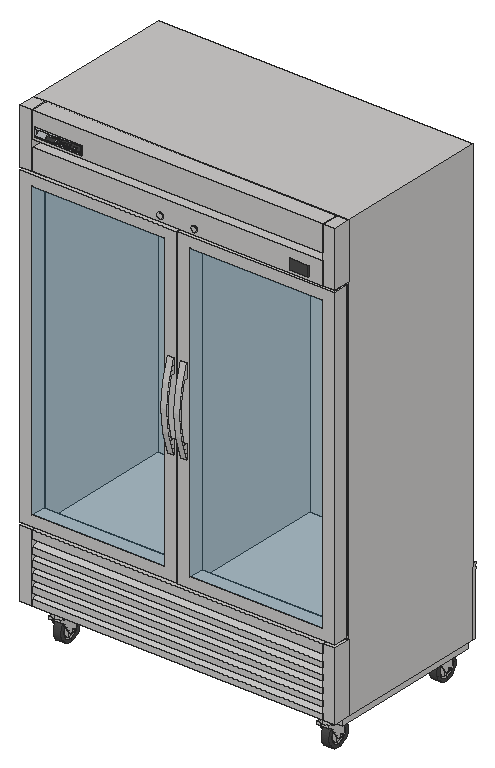
Revit family "QF_TRUE_TS-49G-HC~FGD01", category Specialty Equipment, Revit 2015
Parameters
  Weight in Pounds = 0
  Watts = Volts * FL Amps  # 621 W
  Volts = 115 V
  URL Cutsheet = "www.truemfg.com"
  URL = "www.truemfg.com"
  Specification by User = ""
  Specification by Manufacturer = ""
  Show Clearance [instance] = yes
  Show 6 Inches Standard Legs [instance] = no
  Show 6 Inches Seismic Flanged Legs [instance] = no
  6 Inches Seismic Flanged Legs [instance] = and(Show 6 Inches Seismic Flanged Legs, not(Show 5 Inches Castors))  # no
  Show Logo [instance] = yes
  Serial Number = ""
  Seismic Rating = ""
  SMACNA No = ""
  Revision Code = ""
  Phase = 1
  Overall Height [instance] = Body Height + Base Height  # 83 3/8"
  Number of Poles = 1
  NAFEM Spec ID Number = ""
  Model = "TS-49G-HC~FGD01"
  Min Ckt Ampacity = 0 A
  Max Overcurrent Protection = 0 A
  Masterspec = ""
  Manufacturer = "TRUE"
  Length = 54 5/32"
  Item Number = ""
  Installed By = ""
  Identify Quantity as Lot = yes
  Height = 83 3/8"
  HP = "1/2"
  Furnished By = ""
  Foodservice Equipment Identifier = yes
  FL Amps = 5.4 A
  Electrical Remarks = ""
  Electric Connection Type = ""
  Elec Conn RI Height = 0"
  Elec Conn Connection Height = 0"
  Description = "REACH-IN GLASS SWING DOOR REFRIGERATOR WITH HYDROCARBON REFRIGERANT~FRAMED GLASS DOOR VERSION 01"
  Depth = 29 13/16"
  Cycle = 60 Hz
  Conn Plug = "NEMA 5-15P"
  Conn Conduit = yes
  CSI MasterFormat = ""
  Body Height = 78 5/16"
  Base Height [instance] = if(Show 5 Inches Castors, 5 1/16", 6")  # 5 1/16"
  Apparent Power = 0 VA
  6 Inches Standard Legs [instance] = and(Show 6 Inches Standard Legs, not(Show 5 Inches Castors))  # no
  Show 5 Inches Castors [instance] = if(Show 6 Inches Seismic Flanged Legs, Show 6 Inches Standard Legs, not(Show 6 Inches Standard Legs))  # yes
Reference planes (in)
  plane 1 "BACK": y = 0
  plane 2: z = 0
  plane 3 "LEFT": x = 0
  plane 4 "RIGHT": x = 54.15625
  plane 5 "FRONT": y = -29.8125
  plane 6 "TOP": z = 83.375
  plane 7 "Center Y": x = 27.07813
  plane 8 "Center X": y = -14.90625
  plane 9: z = 5.0625
Dimensions and locks (in)
  equal spacing: plane 3 "LEFT", plane 7 "Center Y", plane 4 "RIGHT"
  "Length": plane 3 "LEFT" to plane 4 "RIGHT"
  equal spacing: plane 5 "FRONT", plane 8 "Center X", plane 1 "BACK"
  "Depth": plane 5 "FRONT" to plane 1 "BACK"
  "Overall Height": plane 6 "TOP" to level
  plane 3 "LEFT" to plane 4 "RIGHT" = 54 5/32"
  nested 5 to plane 1 "BACK" = 1/2"
  nested 5 to nested 5 = 1 17/32"
  nested 5 to nested 5 = 31 27/32"
  "Base Height": plane 9 to level
  "Body Height": nested 5 to plane 9
  aligned and locked: level to plane 2
  aligned and locked: nested 5 to plane 9
Nested families (in)
  nested 1: "CASTER-LEGS" at (4, -2.625, 0), Show 5" Casters <- "Show 5 Inches Castors", Show 6 Inches Legs <- "6 Inches Standard Legs", Show Siesmic Flanged <- "6 Inches Seismic Flanged Legs", type "CASTER-LEGS"
    with Type Mark "", Status "", Specification by User "", Show Siesmic Flanged no, Show 6" Casters no, Show 6 Inches Legs no, Show 5" Casters yes, Show 4" Casters no, Show 2.5 Standard Legs no, Show 2.5 Casters no, Revision Code "", Low Profile no, Item Number "", Installed By "", Identify Quantity as Lot yes, Furnished By "", Foodservice Equipment Identifier yes
  nested 2: "CASTER-LEGS" at (4, -25.875, 0), Show 5" Casters <- "Show 5 Inches Castors", Show 6 Inches Legs <- "6 Inches Standard Legs", Show Siesmic Flanged <- "6 Inches Seismic Flanged Legs", type "CASTER-LEGS"
    with Type Mark "", Status "", Specification by User "", Show Siesmic Flanged no, Show 6" Casters no, Show 6 Inches Legs no, Show 5" Casters yes, Show 4" Casters no, Show 2.5 Standard Legs no, Show 2.5 Casters no, Revision Code "", Low Profile no, Item Number "", Installed By "", Identify Quantity as Lot yes, Furnished By "", Foodservice Equipment Identifier yes
  nested 3: "CASTER-LEGS" at (50.15625, -2.625, 0), Show 5" Casters <- "Show 5 Inches Castors", Show 6 Inches Legs <- "6 Inches Standard Legs", Show Siesmic Flanged <- "6 Inches Seismic Flanged Legs", type "CASTER-LEGS"
    with Type Mark "", Status "", Specification by User "", Show Siesmic Flanged no, Show 6" Casters no, Show 6 Inches Legs no, Show 5" Casters yes, Show 4" Casters no, Show 2.5 Standard Legs no, Show 2.5 Casters no, Revision Code "", Low Profile no, Item Number "", Installed By "", Identify Quantity as Lot yes, Furnished By "", Foodservice Equipment Identifier yes
  nested 4: "CASTER-LEGS" at (50.15625, -25.875, 0), Show 5" Casters <- "Show 5 Inches Castors", Show 6 Inches Legs <- "6 Inches Standard Legs", Show Siesmic Flanged <- "6 Inches Seismic Flanged Legs", type "CASTER-LEGS"
    with Type Mark "", Status "", Specification by User "", Show Siesmic Flanged no, Show 6" Casters no, Show 6 Inches Legs no, Show 5" Casters yes, Show 4" Casters no, Show 2.5 Standard Legs no, Show 2.5 Casters no, Revision Code "", Low Profile no, Item Number "", Installed By "", Identify Quantity as Lot yes, Furnished By "", Foodservice Equipment Identifier yes
  nested 5: "TS-49G-HC-FGD01" at (0, 0, 0), Show Clearance <- "Show Clearance", Show Logo <- "Show Logo", type "TS-49G-HC-FGD01"
    with Show Logo yes, Material and Finishes QF_Metal - Stainless - Polished
Connectors (in)
  electrical at (27.07812, 0.5, 12.71048), driven by "Volts", driven by "Watts"
    settings: on nested 5, index 1, voltage 115 V, apparent load 621 VA, apparent load phase1 0 VA, apparent load phase2 0 VA, apparent load phase3 0 VA, power factor 1, load classification "Other", number of poles 1, system type 30, power factor state 1, is connector primary yes, connector utility no, sub classification motor no, connector description "ELECTRICAL CONNECTION"
Definition of nested family "CASTER-LEGS"
  Parameters (values of type "CASTER-LEGS")
    Weight = ""
    URL Manufacturer = ""
    URL Cutsheet = ""
    URL = ""
    Type Mark [instance] = ""
    Status [instance] = ""
    Specification by User [instance] = ""
    Specification by Manufacturer = ""
    Show Siesmic Flanged [instance] = yes
    Show 6 Inches Legs [instance] = yes
    Show 6" Casters [instance] = yes
    Show 5" Casters [instance] = yes
    Show 4" Casters [instance] = yes
    Show 2.5 Standard Legs [instance] = yes
    Show 2.5 Casters [instance] = yes
    Serial Number = ""
    Seismic Rating = ""
    SMACNA No = ""
    Revision Code [instance] = ""
    Omniclass Number and Title = ""
    NAFEM Spec ID Number = ""
    Model = ""
    MasterSpec. = ""
    Manufacturer = ""
    Low Profile [instance] = yes
    Item Number [instance] = ""
    Installed By [instance] = ""
    Identify Quantity as Lot [instance] = yes
    Furnished By [instance] = ""
    Foodservice Equipment Identifier [instance] = yes
    Description = ""
    CSI MasterFormat = ""
    CSI Master Format = ""
    Assembly Code = ""
  Reference planes (in)
    plane 1: z = 0
    plane 2 "RIGHT": x = 0
    plane 3 "FRONT": y = 0
    plane 4 "TOP": z = 6
    plane 5: z = 2.125
    plane 6: z = 2.5
    plane 7: z = 6.25
  Forms (in)
    Revolve 1, solid, visible <- "Show 6 Inches Legs"
      sketch origin (11.12172, 0, 0) x (-1, 0, 0) y (0, 0, -1)
        loop
          line (11.12172, -6) -> (11.12172, 0) -> (10.62172, 0) -> (10.62172, -1.30261) -> (10.37172, -1.30261) -> (10.37172, -6) -> (11.12172, -6)
        axis (11.12172, 0) -> (11.12172, -6)
      angle from 0 to 360
    Extrusion 2, solid, visible <- "Show Siesmic Flanged"
      sketch origin (0, 0, 0) x (1, 0, 0) y (0, 1, 0)
        loop
          circle (-0.00825, 0) r 1
      from 0 to 0.125
    Revolve 3, solid, visible <- "Show Siesmic Flanged"
      sketch origin (11.12172, 0, 0) x (-1, 0, 0) y (0, 0, -1)
        loop
          line (11.12172, -6) -> (11.12172, -0.125) -> (10.62172, -0.125) -> (10.62172, -1.30261) -> (10.37172, -1.30261) -> (10.37172, -6) -> (11.12172, -6)
        axis (11.12172, -0.125) -> (11.12172, -6)
      angle from 0 to 360
    Revolve 4, solid, visible <- "Show 2.5 Standard Legs"
      sketch origin (11.12172, 0, 0) x (-1, 0, 0) y (0, 0, -1)
        loop
          line (11.12172, -2.5) -> (11.12172, 0) -> (10.62172, 0) -> (10.62172, -0.75) -> (10.37172, -0.75) -> (10.37172, -2.5) -> (11.12172, -2.5)
        axis (11.12172, 0) -> (11.12172, -2.5)
      angle from 0 to 360
  Dimensions and locks (in)
    plane 4 "TOP" to level = 6"  (x2)
    locked: Revolve 1 sketch curve to Revolve 1 sketch curve at 1.30261
    locked: Revolve 1 sketch curve to Revolve 1 sketch curve at 0.75
    nested 1 to level = 5"
    plane 6 to plane 1 = 2 1/2"
    plane 5 to plane 1 = 2 1/8"
    plane 7 to plane 1 = 6 1/4"
    locked: Revolve 3 sketch curve to Revolve 3 sketch curve at 0.75
    aligned and locked: level to plane 1
  Nested families (in)
    nested 1: "PITCO_5 INCHES CASTER" at (0, 0, 0), Show Casters <- "Show 5" Casters", type "PITCO_5 INCHES CASTER"
      with Type Mark "", Status "", Specification by User "", Show Casters yes, Revision Code "", Item Number "", Installed By "", Identify Quantity as Lot yes, Furnished By "", Foodservice Equipment Identifier yes
    nested 2: "2.13" at (0, 0, 0), 2.5 Inches Caster <- "Low Profile", type "2.13"
      with Type Mark "", Status "", Specification by User "", Revision Code "", Item Number "", Installed By "", Identify Quantity as Lot yes, Furnished By "", Foodservice Equipment Identifier yes, 2.5 Inches Caster yes
    nested 3: "C4" at (0, 0, 0), Show 4 Inches Casters <- "Show 4" Casters", type "C4"
      with Type Mark "", Specification by User "", Show 4 Inches Casters yes, Revision Code "", Item Number "", Installed By "", Identify Quantity as Lot yes, Furnished By "", Foodservice Equipment Identifier yes
    nested 4: "6 Inches Leg & Caster" at (0, 0, 0), Show Casters <- "Show 6" Casters", type "6 Inches Leg & Caster"
      with Type Mark "", Status "", Specification by User "", Show Casters yes, Revision Code "", Item Number "", Installed By "", Identify Quantity as Lot yes, Furnished By "", Foodservice Equipment Identifier yes
    nested 5: "C2.5" at (0, -0.86941, 0), 2.5 Inches Caster <- "Show 2.5 Casters", type "C2.5"
      with Type Mark "", Status "", Specification by User "", Revision Code "", Item Number "", Installed By "", Identify Quantity as Lot yes, Furnished By "", Foodservice Equipment Identifier yes, 2.5 Inches Caster yes
  Definition of nested family "PITCO_5 INCHES CASTER"
    Parameters (values of type "PITCO_5 INCHES CASTER")
      Weight = ""
      URL Manufacturer = ""
      URL Cutsheet = ""
      URL = ""
      Type Mark [instance] = ""
      Status [instance] = ""
      Specification by User [instance] = ""
      Specification by Manufacturer = ""
      Show Casters [instance] = yes
      Rubber = none
      Chrome = none
      Serial Number = ""
      Seismic Rating = ""
      SMACNA No = ""
      Revision Code [instance] = ""
      Omniclass Number and Title = ""
      NAFEM Spec ID Number = ""
      Model = ""
      MasterSpec. = ""
      Manufacturer = ""
      Item Number [instance] = ""
      Installed By [instance] = ""
      Identify Quantity as Lot [instance] = yes
      Furnished By [instance] = ""
      Foodservice Equipment Identifier [instance] = yes
      Description = ""
      CSI MasterFormat = ""
      CSI Master Format = ""
      Assembly Code = ""
    Reference planes (in)
      plane 1: z = 0
      plane 2 "RIGHT": x = 0
      plane 3 "FRONT": y = 0
      plane 4 "TOP": z = 5
      plane 5: z = 5.0625
    Forms (in)
      Revolve 1, solid, visible <- "Show Casters"
        sketch origin (-180, 1.0625, -34.67466) x (0, 0, -1) y (-1, 0, 0)
          loop
            line (-34.67466, -180.64009) -> (-34.67466, -179.35991) -> (-35.17466, -179.35991) -> (-35.17466, -179.48491) -> (-35.42466, -179.48491) -> (-35.42466, -179.64009) -> (-36.48519, -179.60306) -> (-36.48519, -178.85852) -> (-36.5316, -178.85852) -> (-36.5316, -178.71719) -> (-36.70591, -178.71719) -> (-36.70591, -181.28281) -> (-36.5316, -181.28281) -> (-36.5316, -181.14148) -> (-36.48519, -181.14148) -> (-36.48519, -180.39694) -> (-35.42466, -180.35991) -> (-35.42466, -180.51509) -> (-35.17466, -180.51509) -> (-35.17466, -180.64009) -> (-34.67466, -180.64009)
          axis (-36.70591, -181.28281) -> (-36.70591, -178.71719)
        angle from 0 to 360
      Extrusion 2, solid, visible <- "Show Casters"
        sketch origin (0, 0, -1.11142) x (0, -1, 0) y (1, 0, 0)
          loop
            circle (0, 0) r 1.5
        from 5.61142 to 6.17392
      Extrusion 3, solid, visible <- "Show Casters"
        sketch origin (0, 0, 0.289) x (0, -1, 0) y (0, 0, 1)
          loop
            arc (0.91808, 3.59427) -> (1.13645, 3.7909) -> (1.42156, 3.86198) r 0.60732
            line (1.42156, 3.86198) -> (1.46208, 3.86198) -> (1.43155, 4.211) -> (-1.43155, 4.211)
            arc (-1.43155, 4.211) -> (-1.62474, 4.13098) -> (-1.70476, 3.93778) r 0.27322
            line (-1.70476, 3.93778) -> (-1.70476, 3.78861) -> (-1.76351, 2.11371) -> (-1.82446, 1.68005)
            arc (-1.82446, 1.68005) -> (-1.73191, 1.41127) -> (-1.46007, 1.32816) r 0.31307
            line (-1.46007, 1.32816) -> (-0.60834, 1.47835)
            arc (-0.60834, 1.47835) -> (-0.50841, 1.51771) -> (-0.43181, 1.59299) r 0.26936
            line (-0.43181, 1.59299) -> (0.91808, 3.59427)
        from 0.84601 to 1.05998
      Extrusion 4, solid, visible <- "Show Casters"
        sketch origin (0, 0, -0.82242) x (0, -1, 0) y (0, 0, -1)
          loop
            line (1.43155, -5.32242) -> (1.46208, -4.9734) -> (1.42156, -4.9734)
            arc (1.42156, -4.9734) -> (1.13645, -4.90232) -> (0.91808, -4.70569) r 0.60732
            line (0.91808, -4.70569) -> (-0.43181, -2.70441)
            arc (-0.43181, -2.70441) -> (-0.50841, -2.62913) -> (-0.60834, -2.58977) r 0.26936
            line (-0.60834, -2.58977) -> (-1.46007, -2.43958)
            arc (-1.46007, -2.43958) -> (-1.73191, -2.52269) -> (-1.82446, -2.79147) r 0.31307
            line (-1.82446, -2.79147) -> (-1.76351, -3.22513) -> (-1.70476, -4.90003) -> (-1.70476, -5.0492)
            arc (-1.70476, -5.0492) -> (-1.62474, -5.2424) -> (-1.43155, -5.32242) r 0.27322
            line (-1.43155, -5.32242) -> (1.43155, -5.32242)
        from 0.84601 to 1.05998
      Extrusion 5, solid, visible <- "Show Casters"
        sketch origin (-0.84601, 0, 0.289) x (0, 1, 0) y (0, 0, 1)
          loop
            line (1.43155, 4.211) -> (-1.43155, 4.211) -> (-1.46208, 3.86198) -> (-1.42156, 3.86198)
            arc (-1.42156, 3.86198) -> (-1.13645, 3.7909) -> (-0.91808, 3.59427) r 0.60732
            arc (-0.91808, 3.59427) -> (0.37927, 3.88135) -> (1.70476, 3.78861) r 4.63574
            line (1.70476, 3.78861) -> (1.70476, 3.93778)
            arc (1.70476, 3.93778) -> (1.62474, 4.13098) -> (1.43155, 4.211) r 0.27322
        from 0 to 1.69203
    Cuts and joins
      joined: Extrusion 3, Extrusion 4, Extrusion 5
    Lines and regions (in)
      symbolic lines, visible <- "Show Casters"
        curve 1: line (0.70901, 2.6399, 0) -> (1.79507, 2.01286, 0)
        curve 2: line (-1.79099, -1.69023, 0) -> (0.70901, 2.6399, 0)
        curve 3: line (-0.70493, -2.31727, 0) -> (-1.79099, -1.69023, 0)
        curve 4: line (1.79507, 2.01286, 0) -> (-0.70493, -2.31727, 0)
    Dimensions and locks (in)
      plane 4 "TOP" to level = 5"  (x2)
      plane 5 to level = 5 1/16"
      aligned and locked: level to plane 1
  Definition of nested family "2.13"
    Parameters
      Weight = ""
      URL Manufacturer = ""
      URL Cutsheet = ""
      URL = ""
      Type Mark [instance] = ""
      Status [instance] = ""
      Specification by User [instance] = ""
      Specification by Manufacturer = ""
      Serial Number = ""
      Seismic Rating = ""
      SMACNA No = ""
      Revision Code [instance] = ""
      Omniclass Number and Title = ""
      NAFEM Spec ID Number = ""
      Model = ""
      MasterSpec. = ""
      Manufacturer = ""
      Item Number [instance] = ""
      Installed By [instance] = ""
      Identify Quantity as Lot [instance] = yes
      Furnished By [instance] = ""
      Foodservice Equipment Identifier [instance] = yes
      Description = ""
      CSI MasterFormat = ""
      CSI Master Format = ""
      Assembly Code = ""
      2.5 Inches Caster [instance] = yes
    Reference planes (in)
      plane 1: z = 0
      plane 2 "RIGHT": x = 0
      plane 3 "FRONT": y = 0
      plane 4 "TOP": z = 2.125
    Forms (in)
      Revolve 1, solid, visible <- "2.5 Inches Caster"
        sketch origin (-1.93794, 0.83816, -1.0041) x (1, 0, 0) y (0, 0, 1)
          loop
            line (0.74055, 1.76972) -> (0.74055, 1.69422) -> (0.79055, 1.64422) -> (0.85055, 1.64422) -> (0.85055, 1.52415) -> (1.235, 1.52415) -> (1.235, 1.4568) -> (1.38673, 1.3692) -> (1.4003, 1.28535) -> (1.34375, 1.28535) -> (1.34375, 1.16035) -> (1.375, 1.16035) -> (1.375, 1.0041) -> (1.87544, 1.0041) -> (1.87544, 1.52415) -> (2.00044, 1.52415) -> (2.00044, 1.0041) -> (2.48438, 1.0041) -> (2.48438, 1.16035) -> (2.51563, 1.16035) -> (2.51563, 1.28535) -> (2.45908, 1.28535) -> (2.47322, 1.37272) -> (2.62438, 1.45999) -> (2.62438, 1.52415) -> (3.04007, 1.52415) -> (3.04007, 1.64422) -> (3.10007, 1.64422) -> (3.15007, 1.69422) -> (3.15007, 1.76972) -> (0.74055, 1.76972)
          axis (0.74055, 1.76972) -> (3.15007, 1.76972)
        angle from 0 to 360
      Extrusion 2, solid, visible <- "2.5 Inches Caster"
        sketch origin (-1.93794, 1.80294, -3.6291) x (0, 1, 0) y (0, 0, 1)
          loop
            line (-0.64294, 5.43229) -> (-0.64294, 5.55298) -> (-2.21294, 5.55298) -> (-2.21294, 5.30272) -> (-1.81966, 5.30272)
            arc (-1.81966, 5.30272) -> (-1.13638, 5.20789) -> (-0.46376, 5.05475) r 8.02767
            arc (-0.46376, 5.05475) -> (-0.19511, 4.95469) -> (0.05138, 4.80832) r 1.60049
            line (0.05138, 4.80832) -> (0.12713, 4.91318)
            arc (0.12713, 4.91318) -> (-0.07255, 5.06376) -> (-0.29048, 5.18644) r 1.8753
            line (-0.29048, 5.18644) -> (-0.22239, 5.30423)
            arc (-0.22239, 5.30423) -> (-0.42776, 5.38437) -> (-0.64294, 5.43229) r 1.44292
        from 1.17357 to 2.70231
      Revolve 3, solid, visible <- "2.5 Inches Caster"
        sketch origin (0, 2.10856, -4.125) x (0, 1, 0) y (0, 0, 1)
          loop
            line (-1.73858, 6.25) -> (-1.73858, 6.04889) -> (-1.05793, 6.04889) -> (-1.05793, 6.25) -> (-1.73858, 6.25)
          axis (-1.73858, 6.04889) -> (-1.73858, 6.25)
        angle from 0 to 360
      Extrusion 4, solid, visible <- "2.5 Inches Caster"
        sketch origin (-1.98481, 1.80294, -2.1291) x (0, 1, 0) y (0, 0, 1)
          loop
            line (-2.21294, 4.05298) -> (-2.21294, 3.80272) -> (-2.13999, 3.80272)
            arc (-2.13999, 3.80272) -> (-1.62379, 3.51899) -> (-1.39241, 2.97729) r 0.90292
            arc (-1.39241, 2.97729) -> (-1.36136, 2.78161) -> (-1.29729, 2.59413) r 1.15385
            arc (-1.29729, 2.59413) -> (-0.94802, 2.37355) -> (-0.6121, 2.61396) r 0.37001
            arc (-0.6121, 2.61396) -> (-0.59625, 2.66241) -> (-0.58446, 2.712) r 0.61695
            arc (-0.58446, 2.712) -> (-0.36134, 3.11665) -> (0.05609, 3.31484) r 0.75313
            line (0.05609, 3.31484) -> (0.12713, 3.41318)
            arc (0.12713, 3.41318) -> (-0.07255, 3.56376) -> (-0.29048, 3.68644) r 1.8753
            line (-0.29048, 3.68644) -> (-0.22239, 3.80423)
            arc (-0.22239, 3.80423) -> (-0.42776, 3.88437) -> (-0.64294, 3.93229) r 1.44292
            line (-0.64294, 3.93229) -> (-0.64294, 4.05298) -> (-2.21294, 4.05298)
        from 2.74918 to 2.90825
      Extrusion 5, solid, visible <- "2.5 Inches Caster"
        sketch origin (1.98481, 1.80294, -2.1291) x (0, 1, 0) y (0, 0, -1)
          loop
            line (-2.21294, -4.05298) -> (-0.64294, -4.05298) -> (-0.64294, -3.93229)
            arc (-0.64294, -3.93229) -> (-0.42776, -3.88437) -> (-0.22239, -3.80423) r 1.44292
            line (-0.22239, -3.80423) -> (-0.29048, -3.68644)
            arc (-0.29048, -3.68644) -> (-0.07255, -3.56376) -> (0.12713, -3.41318) r 1.8753
            line (0.12713, -3.41318) -> (0.05609, -3.31484)
            arc (0.05609, -3.31484) -> (-0.36134, -3.11665) -> (-0.58446, -2.712) r 0.75313
            arc (-0.58446, -2.712) -> (-0.59625, -2.66241) -> (-0.6121, -2.61396) r 0.61695
            arc (-0.6121, -2.61396) -> (-0.94802, -2.37355) -> (-1.29729, -2.59413) r 0.37001
            arc (-1.29729, -2.59413) -> (-1.36136, -2.78161) -> (-1.39241, -2.97729) r 1.15385
            arc (-1.39241, -2.97729) -> (-1.62379, -3.51899) -> (-2.13999, -3.80272) r 0.90292
            line (-2.13999, -3.80272) -> (-2.21294, -3.80272) -> (-2.21294, -4.05298)
        from 2.74918 to 2.90825
    Lines and regions (in)
      symbolic lines, visible <- "2.5 Inches Caster"
        curve 1: line (0.10651, 1.27186, 0) -> (0.80944, 0.86603, 0)
        curve 2: line (-0.89349, -0.46019, 0) -> (0.10651, 1.27186, 0)
        curve 3: line (-0.19056, -0.86603, 0) -> (-0.89349, -0.46019, 0)
        curve 4: line (0.80944, 0.86603, 0) -> (-0.19056, -0.86603, 0)
    Dimensions and locks (in)
      plane 4 "TOP" to level = 2 1/8"  (x2)
      aligned and locked: level to plane 1
  Definition of nested family "C4"
    Parameters
      Weight = ""
      URL Manufacturer = ""
      URL Cutsheet = ""
      URL = ""
      Type Mark [instance] = ""
      Specification by User [instance] = ""
      Specification by Manufacturer = ""
      Show 4 Inches Casters [instance] = yes
      Serial Number = ""
      Seismic Rating = ""
      SMACNA No = ""
      Revision Code [instance] = ""
      Omniclass Number and Title = ""
      NAFEM Spec ID Number = ""
      Model = ""
      MasterSpec. = ""
      Manufacturer = ""
      Item Number [instance] = ""
      Installed By [instance] = ""
      Identify Quantity as Lot [instance] = yes
      Furnished By [instance] = ""
      Foodservice Equipment Identifier [instance] = yes
      Description = ""
      CSI MasterFormat = ""
      CSI Master Format = ""
      Assembly Code = ""
    Reference planes (in)
      plane 1: z = 0
      plane 2 "RIGHT": x = 0
      plane 3 "FRONT": y = 0
      plane 4 "TOP": z = 4
    Forms (in)
      Revolve 1, solid, visible <- "Show 4 Inches Casters"
        sketch origin (-1.93794, 0.83816, -1.0041) x (1, 0, 0) y (0, 0, 1)
          loop
            line (0.74055, 2.5041) -> (3.15007, 2.5041) -> (3.15007, 2.5796) -> (3.10007, 2.6296) -> (3.04007, 2.6296) -> (3.04007, 2.74967) -> (2.62438, 2.74967) -> (2.62438, 2.93884) -> (2.48438, 3.01967) -> (2.45908, 3.17597) -> (2.51563, 3.17597) -> (2.51563, 3.41035) -> (2.48438, 3.41035) -> (2.48438, 4.0041) -> (1.375, 4.0041) -> (1.375, 3.41035) -> (1.34375, 3.41035) -> (1.34375, 3.17597) -> (1.4003, 3.17597) -> (1.37557, 3.02318) -> (1.235, 2.94202) -> (1.235, 2.74967) -> (0.85055, 2.74967) -> (0.85055, 2.6296) -> (0.79055, 2.6296) -> (0.74055, 2.5796) -> (0.74055, 2.5041)
          axis (0.74055, 2.5041) -> (3.15007, 2.5041)
        angle from 0 to 360
      Extrusion 2, solid, visible <- "Show 4 Inches Casters"
        sketch origin (-1.93794, 1.80294, -1.7541) x (0, 1, 0) y (0, 0, 1)
          loop
            line (-3.08794, 5.33423) -> (-3.08794, 5.00584) -> (-2.69466, 5.00584)
            arc (-2.69466, 5.00584) -> (-1.57175, 4.94895) -> (-0.46376, 4.75787) r 9.36411
            arc (-0.46376, 4.75787) -> (-0.05889, 4.58436) -> (0.28335, 4.30705) r 1.60049
            line (0.28335, 4.30705) -> (0.34449, 4.39437)
            arc (0.34449, 4.39437) -> (0.12713, 4.6163) -> (-0.1239, 4.79931) r 1.8753
            line (-0.1239, 4.79931) -> (-0.05749, 4.91421)
            arc (-0.05749, 4.91421) -> (-0.33807, 5.05694) -> (-0.64294, 5.13542) r 1.44292
            line (-0.64294, 5.13542) -> (-0.64294, 5.33423) -> (-3.08794, 5.33423)
        from 1.1267 to 2.74918
      Revolve 3, solid, visible <- "Show 4 Inches Casters"
        sketch origin (0, 2.15543, -2.25) x (0, 1, 0) y (0, 0, 1)
          loop
            line (-2.21793, 6.25) -> (-2.21793, 5.83014) -> (-1.05793, 5.83014) -> (-1.05793, 6.25) -> (-2.21793, 6.25)
          axis (-2.21793, 5.83014) -> (-2.21793, 6.25)
        angle from 0 to 360
      Extrusion 4, solid, visible <- "Show 4 Inches Casters"
        sketch origin (-1.93794, 1.80294, -1.7541) x (0, 1, 0) y (0, 0, 1)
          loop
            line (-3.08794, 5.33423) -> (-3.08794, 5.00584) -> (-2.8913, 5.00584)
            arc (-2.8913, 5.00584) -> (-2.09118, 4.14057) -> (-1.45681, 3.14736) r 6.63355
            arc (-1.45681, 3.14736) -> (-0.85703, 2.75969) -> (-0.4561, 3.35069) r 0.5107
            arc (-0.4561, 3.35069) -> (-0.27092, 3.92503) -> (0.24034, 4.24562) r 0.88136
            line (0.24034, 4.24562) -> (0.34449, 4.39437)
            arc (0.34449, 4.39437) -> (0.12713, 4.6163) -> (-0.1239, 4.79931) r 1.8753
            line (-0.1239, 4.79931) -> (-0.05749, 4.91421)
            arc (-0.05749, 4.91421) -> (-0.33807, 5.05694) -> (-0.64294, 5.13542) r 1.44292
            line (-0.64294, 5.13542) -> (-0.64294, 5.33423) -> (-3.08794, 5.33423)
        from 2.74918 to 2.90825
      Extrusion 5, solid, visible <- "Show 4 Inches Casters"
        sketch origin (1.93794, 1.80294, -1.7541) x (0, 1, 0) y (0, 0, -1)
          loop
            line (-3.08794, -5.33423) -> (-0.64294, -5.33423) -> (-0.64294, -5.13542)
            arc (-0.64294, -5.13542) -> (-0.33807, -5.05694) -> (-0.05749, -4.91421) r 1.44292
            line (-0.05749, -4.91421) -> (-0.1239, -4.79931)
            arc (-0.1239, -4.79931) -> (0.12713, -4.6163) -> (0.34449, -4.39437) r 1.8753
            line (0.34449, -4.39437) -> (0.24034, -4.24562)
            arc (0.24034, -4.24562) -> (-0.27092, -3.92503) -> (-0.4561, -3.35069) r 0.88136
            arc (-0.4561, -3.35069) -> (-0.85703, -2.75969) -> (-1.45681, -3.14736) r 0.5107
            arc (-1.45681, -3.14736) -> (-2.09118, -4.14057) -> (-2.8913, -5.00584) r 6.63355
            line (-2.8913, -5.00584) -> (-3.08794, -5.00584) -> (-3.08794, -5.33423)
        from 2.74918 to 2.90825
    Cuts and joins
      joined: Extrusion 2, Extrusion 4, Extrusion 5
    Lines and regions (in)
      symbolic lines, visible <- "Show 4 Inches Casters"
        curve 1: line (0.28481, 1.83041, 0) -> (1.24556, 1.27572, 0)
        curve 2: line (-1.26206, -0.84886, 0) -> (0.28481, 1.83041, 0)
        curve 3: line (-0.30132, -1.40355, 0) -> (-1.26206, -0.84886, 0)
        curve 4: line (1.24556, 1.27572, 0) -> (-0.30132, -1.40355, 0)
    Dimensions and locks (in)
      plane 4 "TOP" to level = 4"  (x2)
      aligned and locked: level to plane 1
  Definition of nested family "6 Inches Leg & Caster"
    Parameters
      Weight = ""
      URL Manufacturer = ""
      URL Cutsheet = ""
      URL = ""
      Type Mark [instance] = ""
      Status [instance] = ""
      Specification by User [instance] = ""
      Specification by Manufacturer = ""
      Show Casters [instance] = yes
      Serial Number = ""
      Seismic Rating = ""
      SMACNA No = ""
      Revision Code [instance] = ""
      Omniclass Number and Title = ""
      NAFEM Spec ID Number = ""
      Model = ""
      MasterSpec. = ""
      Manufacturer = ""
      Item Number [instance] = ""
      Installed By [instance] = ""
      Identify Quantity as Lot [instance] = yes
      Furnished By [instance] = ""
      Foodservice Equipment Identifier [instance] = yes
      Description = ""
      CSI MasterFormat = ""
      CSI Master Format = ""
    Reference planes (in)
      plane 1 "BACK": y = 0
      plane 2: z = 0
      plane 3 "LEFT": x = 0
      plane 4 "RIGHT": x = 0
      plane 5 "FRONT": y = 0
      plane 6 "TOP": z = 6.25
    Forms (in)
      Revolve 1, solid, visible <- "Show Casters"
        sketch origin (-2.21793, 0, -0.25) x (-1, 0, 0) y (0, 0, 1)
          loop
            line (-2.21793, 6) -> (-2.21793, 5.55584) -> (-0.93693, 5.55584) -> (-0.93693, 6) -> (-2.21793, 6)
          axis (-2.21793, 5.55584) -> (-2.21793, 6)
        angle from 0 to 360
      Extrusion 2, solid, visible <- "Show Casters"
        sketch origin (0.25594, 2.21793, -0.1875) x (0, 1, 0) y (0, 0, 1)
          loop
            line (-3.37793, 5.49334) -> (-3.37793, 5.24334) -> (-1.63015, 2.08504)
            arc (-1.63015, 2.08504) -> (-0.63555, 1.74359) -> (-0.1951, 2.69848) r 0.78437
            line (-0.1951, 2.69848) -> (-1.06726, 5.49334) -> (-3.37793, 5.49334)
        from 0.78968 to 0.90247
      Extrusion 3, solid, visible <- "Show Casters"
        sketch origin (0, 0, 5.75) x (0, 1, 0) y (-1, 0, 0)
          loop
            circle (0, 0) r 0.75
        from 0 to 0.5
      Extrusion 4, solid, visible <- "Show Casters"
        sketch origin (-0.25594, 2.21793, -0.1875) x (0, 1, 0) y (0, 0, -1)
          loop
            line (-3.37793, -5.49334) -> (-1.06726, -5.49334) -> (-0.1951, -2.69848)
            arc (-0.1951, -2.69848) -> (-0.63555, -1.74359) -> (-1.63015, -2.08504) r 0.78437
            line (-1.63015, -2.08504) -> (-3.37793, -5.24334) -> (-3.37793, -5.49334)
        from 0.78968 to 0.90247
      Extrusion 5, solid, visible <- "Show Casters"
        sketch origin (0, 0, 0.75) x (0, 1, 0) y (0, 0, 1)
          loop
            line (-1.16, 4.55584) -> (-1.16, 4.30584) -> (1.15067, 4.30584) -> (1.15067, 4.55584) -> (-1.16, 4.55584)
        from -1.04562 to 1.04562
      Revolve 6, solid, visible <- "Show Casters"
        sketch origin (-1.9375, 1.23015, -0.12802) x (1, 0, 0) y (0, 0, 1)
          loop
            line (0.5843, 2.5041) -> (0.5843, 2.3661) -> (0.6343, 2.3161) -> (0.6943, 2.3161) -> (0.6943, 2.1804) -> (1.1725, 2.1804) -> (1.1725, 1.78493) -> (1.31307, 1.70377) -> (1.42647, 1.00302) -> (1.28125, 1.00302) -> (1.28125, 0.75302) -> (1.3125, 0.75302) -> (1.3125, 0.50302)
            arc (1.3125, 0.50302) -> (1.42233, 0.23785) -> (1.6875, 0.12802) r 0.375
            line (1.6875, 0.12802) -> (2.1875, 0.12802)
            arc (2.1875, 0.12802) -> (2.45267, 0.23785) -> (2.5625, 0.50302) r 0.375
            line (2.5625, 0.50302) -> (2.5625, 0.75302) -> (2.59375, 0.75302) -> (2.59375, 1.00302) -> (2.44853, 1.00302) -> (2.5625, 1.70728) -> (2.7025, 1.78811) -> (2.7025, 2.1804) -> (3.1807, 2.1804) -> (3.1807, 2.3161) -> (3.2407, 2.3161) -> (3.2907, 2.3661) -> (3.2907, 2.5041) -> (0.5843, 2.5041)
          axis (0.5843, 2.5041) -> (3.2907, 2.5041)
        angle from 0 to 360
    Cuts and joins
      joined: Extrusion 2, Extrusion 4, Extrusion 5
    Lines and regions (in)
      symbolic lines, visible <- "Show Casters"
        curve 1: line (0.46086, 2.04455, 0) -> (1.54339, 1.41955, 0)
        curve 2: line (-1.53914, -1.41955, 0) -> (0.46086, 2.04455, 0)
        curve 3: line (-0.45661, -2.04455, 0) -> (-1.53914, -1.41955, 0)
        curve 4: line (1.54339, 1.41955, 0) -> (-0.45661, -2.04455, 0)
    Dimensions and locks (in)
      plane 6 "TOP" to level = 6 1/4"  (x2)
      aligned and locked: level to plane 2
  Definition of nested family "C2.5"
    Parameters
      Weight = ""
      URL Manufacturer = ""
      URL Cutsheet = ""
      URL = ""
      Type Mark [instance] = ""
      Status [instance] = ""
      Specification by User [instance] = ""
      Specification by Manufacturer = ""
      Serial Number = ""
      Seismic Rating = ""
      SMACNA No = ""
      Revision Code [instance] = ""
      Omniclass Number and Title = ""
      NAFEM Spec ID Number = ""
      Model = ""
      MasterSpec. = ""
      Manufacturer = ""
      Item Number [instance] = ""
      Installed By [instance] = ""
      Identify Quantity as Lot [instance] = yes
      Furnished By [instance] = ""
      Foodservice Equipment Identifier [instance] = yes
      Description = ""
      CSI MasterFormat = ""
      CSI Master Format = ""
      Assembly Code = ""
      2.5 Inches Caster [instance] = yes
    Reference planes (in)
      plane 1: z = 0
      plane 2 "RIGHT": x = 0
      plane 3 "FRONT": y = 0
      plane 4 "TOP": z = 2.5
    Forms (in)
      Revolve 1, solid, visible <- "2.5 Inches Caster"
        sketch origin (-1.93794, 0.83816, -1.0041) x (1, 0, 0) y (0, 0, 1)
          loop
            line (0.74055, 1.92597) -> (0.74055, 1.85047) -> (0.79055, 1.80047) -> (0.85055, 1.80047) -> (0.85055, 1.6804) -> (1.235, 1.6804) -> (1.235, 1.61305) -> (1.38673, 1.52545) -> (1.4003, 1.4416) -> (1.34375, 1.4416) -> (1.34375, 1.3166) -> (1.375, 1.3166) -> (1.375, 1.0041) -> (2.48438, 1.0041) -> (2.48438, 1.3166) -> (2.51563, 1.3166) -> (2.51563, 1.4416) -> (2.45908, 1.4416) -> (2.47322, 1.52897) -> (2.62438, 1.61624) -> (2.62438, 1.6804) -> (3.04007, 1.6804) -> (3.04007, 1.80047) -> (3.10007, 1.80047) -> (3.15007, 1.85047) -> (3.15007, 1.92597) -> (0.74055, 1.92597)
          axis (0.74055, 1.92597) -> (3.15007, 1.92597)
        angle from 0 to 360
      Extrusion 2, solid, visible <- "2.5 Inches Caster"
        sketch origin (-1.93794, 1.80294, -3.2541) x (0, 1, 0) y (0, 0, 1)
          loop
            line (-0.64294, 5.43229) -> (-0.64294, 5.55298) -> (-2.21294, 5.55298) -> (-2.21294, 5.30272) -> (-1.81966, 5.30272)
            arc (-1.81966, 5.30272) -> (-1.13638, 5.20789) -> (-0.46376, 5.05475) r 8.02767
            arc (-0.46376, 5.05475) -> (-0.19511, 4.95469) -> (0.05138, 4.80832) r 1.60049
            line (0.05138, 4.80832) -> (0.12713, 4.91318)
            arc (0.12713, 4.91318) -> (-0.07255, 5.06376) -> (-0.29048, 5.18644) r 1.8753
            line (-0.29048, 5.18644) -> (-0.22239, 5.30423)
            arc (-0.22239, 5.30423) -> (-0.42776, 5.38437) -> (-0.64294, 5.43229) r 1.44292
        from 1.17357 to 2.70231
      Revolve 3, solid, visible <- "2.5 Inches Caster"
        sketch origin (0, 2.10856, -3.75) x (0, 1, 0) y (0, 0, 1)
          loop
            line (-1.73858, 6.25) -> (-1.73858, 6.04889) -> (-1.05793, 6.04889) -> (-1.05793, 6.25) -> (-1.73858, 6.25)
          axis (-1.73858, 6.04889) -> (-1.73858, 6.25)
        angle from 0 to 360
      Extrusion 4, solid, visible <- "2.5 Inches Caster"
        sketch origin (-1.98481, 1.80294, -1.7541) x (0, 1, 0) y (0, 0, 1)
          loop
            line (-2.21294, 4.05298) -> (-2.21294, 3.80272) -> (-2.13999, 3.80272)
            arc (-2.13999, 3.80272) -> (-1.62379, 3.51899) -> (-1.39241, 2.97729) r 0.90292
            arc (-1.39241, 2.97729) -> (-1.36136, 2.78161) -> (-1.29729, 2.59413) r 1.15385
            arc (-1.29729, 2.59413) -> (-0.94802, 2.37355) -> (-0.6121, 2.61396) r 0.37001
            arc (-0.6121, 2.61396) -> (-0.59625, 2.66241) -> (-0.58446, 2.712) r 0.61695
            arc (-0.58446, 2.712) -> (-0.36134, 3.11665) -> (0.05609, 3.31484) r 0.75313
            line (0.05609, 3.31484) -> (0.12713, 3.41318)
            arc (0.12713, 3.41318) -> (-0.07255, 3.56376) -> (-0.29048, 3.68644) r 1.8753
            line (-0.29048, 3.68644) -> (-0.22239, 3.80423)
            arc (-0.22239, 3.80423) -> (-0.42776, 3.88437) -> (-0.64294, 3.93229) r 1.44292
            line (-0.64294, 3.93229) -> (-0.64294, 4.05298) -> (-2.21294, 4.05298)
        from 2.74918 to 2.90825
      Extrusion 5, solid, visible <- "2.5 Inches Caster"
        sketch origin (1.98481, 1.80294, -1.7541) x (0, 1, 0) y (0, 0, -1)
          loop
            line (-2.21294, -4.05298) -> (-0.64294, -4.05298) -> (-0.64294, -3.93229)
            arc (-0.64294, -3.93229) -> (-0.42776, -3.88437) -> (-0.22239, -3.80423) r 1.44292
            line (-0.22239, -3.80423) -> (-0.29048, -3.68644)
            arc (-0.29048, -3.68644) -> (-0.07255, -3.56376) -> (0.12713, -3.41318) r 1.8753
            line (0.12713, -3.41318) -> (0.05609, -3.31484)
            arc (0.05609, -3.31484) -> (-0.36134, -3.11665) -> (-0.58446, -2.712) r 0.75313
            arc (-0.58446, -2.712) -> (-0.59625, -2.66241) -> (-0.6121, -2.61396) r 0.61695
            arc (-0.6121, -2.61396) -> (-0.94802, -2.37355) -> (-1.29729, -2.59413) r 0.37001
            arc (-1.29729, -2.59413) -> (-1.36136, -2.78161) -> (-1.39241, -2.97729) r 1.15385
            arc (-1.39241, -2.97729) -> (-1.62379, -3.51899) -> (-2.13999, -3.80272) r 0.90292
            line (-2.13999, -3.80272) -> (-2.21294, -3.80272) -> (-2.21294, -4.05298)
        from 2.74918 to 2.90825
    Lines and regions (in)
      symbolic lines, visible <- "2.5 Inches Caster"
        curve 1: line (0.10651, 1.96132, 0) -> (0.80944, 1.55548, 0)
        curve 2: line (-0.89349, 0.22927, 0) -> (0.10651, 1.96132, 0)
        curve 3: line (-0.19056, -0.17657, 0) -> (-0.89349, 0.22927, 0)
        curve 4: line (0.80944, 1.55548, 0) -> (-0.19056, -0.17657, 0)
    Dimensions and locks (in)
      plane 4 "TOP" to level = 2 1/2"  (x2)
      aligned and locked: level to plane 1
Definition of nested family "TS-49G-HC-FGD01"
  Parameters (values of type "TS-49G-HC-FGD01")
    Weight in Pounds = 0
    URL Cutsheet = ""
    Specification by User = ""
    Specification by Manufacturer = ""
    Show Logo [instance] = yes
    Show Clearance [instance] = yes
    Serial Number = ""
    Seismic Rating = ""
    SMACNA No = ""
    Revision Code = ""
    NAFEM Spec ID Number = ""
    Material and Finishes [instance] = none
    Masterspec = ""
    Item Number = ""
    Installed By = ""
    Identify Quantity as Lot = yes
    Furnished By = ""
    Foodservice Equipment Identifier = yes
    CSI MasterFormat = ""
  Reference planes (in)
    plane 1 "BACK": y = 0
    plane 2: z = 0
    plane 3 "LEFT": x = 0
    plane 4 "RIGHT": x = 54.15625
    plane 5 "FRONT": y = -29.8125
    plane 6 "TOP": z = 83.375
    plane 7 "Center Y": x = 27.07813
    plane 8 "Center X": y = -14.90625
    plane 9: z = 5.0625
    plane 10: y = 0.5
    plane 11: y = -31.34375
    plane 12: z = 7.0625
    plane 13: z = 81.375
    plane 14: y = -55.25
    plane 15: y = -55.25
    plane 16: z = 7.0625
    plane 17: z = 81.375
    plane 18: y = -55.25
    plane 19: z = 18.875
    plane 20: z = 53.75
    plane 21: z = 38.75
    plane 22: z = 53.75
    plane 23: z = 38.75
    plane 24: z = 18.875
    plane 25: z = 53.75
    plane 26: z = 38.75
    plane 27: z = 53.75
    plane 28: z = 38.75
    plane 29: x = 1
    plane 30: x = 53.15625
  Forms (in)
    Extrusion 1, solid, material <- "Material and Finishes"
      sketch origin (-5.09019, 0.0625, 48) x (-1, 0, 0) y (0, 0, 1)
        loop
          line (-5.09019, 35.375) -> (-7.09019, 35.375) -> (-7.09019, -41.125) -> (-5.09019, -41.125) -> (-5.09019, 35.375)
      from -0.0625 to -26.875
    Extrusion 2, solid, material <- "Material and Finishes"
      sketch origin (2, -26.8125, 83.375) x (0, 0, -1) y (0, 1, 0)
        loop
          line (0, -3) -> (4.5, -3) -> (5.75, -0.19245) -> (5.75, -3) -> (9.5, -3) -> (9.5, 0) -> (0, 0) -> (0, -3)
        loop
          line (64.75, -3) -> (66.25, -3) -> (66.25, -0.43712) -> (67.5, -3) -> (68.5, -3) -> (68.5, -0.9497) -> (69.5, -3) -> (70.5, -3) -> (70.5, -0.9497) -> (71.5, -3) -> (72.5, -3) -> (72.5, -0.9497) -> (73.5, -3) -> (74.5, -3) -> (74.5, -0.9497) -> (75.5, -3) -> (76.5, -3) -> (76.5, 0) -> (64.75, 0) -> (64.75, -3)
      from 0 to 50.15625
    Extrusion 3, solid
      sketch origin (-5.09019, -29.8125, 48) x (1, 0, 0) y (0, 0, 1)
        loop
          line (7.09019, -27.125) -> (30.0387, -27.125) -> (30.0387, 23.625) -> (7.09019, 23.625) -> (7.09019, -27.125)
        loop
          line (34.29793, -27.125) -> (57.24644, -27.125) -> (57.24644, 23.625) -> (34.29793, 23.625) -> (34.29793, -27.125)
      from 0 to -0.125
    Extrusion 4, solid
      sketch origin (2, -29.8125, 77.625) x (0, 0, -1) y (1, 0, 0)
        loop
          circle (2.77758, 22.14431) r 0.5
        loop
          circle (2.77758, 28.01194) r 0.5
      from 0 to 0.0625
    Extrusion 5, solid, visible <- "Show Clearance", detail levels coarse
      sketch origin (0, -26.8125, 46.5) x (0, -1, 0) y (-1, 0, 0)
        loop
          arc (3, -26.94851) -> (21.16957, -18.61945) -> (28.4375, 0) r 26.64931
          line (28.4375, 0) -> (3, 0) -> (3, -26.94851)
        loop
          line (3, -27.20774) -> (3, -54.15625) -> (28.4375, -54.15625)
          arc (28.4375, -54.15625) -> (21.16957, -35.5368) -> (3, -27.20774) r 26.64931
      from 27.625 to -27.125
    Extrusion 6, solid, material <- "Material and Finishes"
      sketch origin (0, 0.0625, 82.375) x (0, 0, 1) y (0, 1, 0)
        loop
          line (-75.5, -0.0625) -> (-63.92678, -0.0625) -> (-63.92678, 0.08569) -> (-63.75, 0.26246) -> (-63.75, 0.4375) -> (-64.09324, 0.4375) -> (-64.09324, 0.3125) -> (-64.47374, 0.3125) -> (-64.47374, 0.4375) -> (-64.81856, 0.4375) -> (-64.81856, 0.3125) -> (-75.5, 0.3125) -> (-75.5, -0.0625)
      from 0 to -54.15625
    Extrusion 7, solid, material <- "Material and Finishes"
      sketch origin (2, 0.0625, 83.375) x (0, 0, -1) y (0, 1, 0)
        loop
          line (0, -0.0625) -> (0, -26.875) -> (2, -26.875) -> (2, -2.6875) -> (64.75, -2.6875) -> (64.75, -26.875) -> (76.5, -26.875) -> (76.5, -0.0625) -> (0, -0.0625)
      from 0 to 50.15625
    Extrusion 8, solid, material <- "Material and Finishes"
      sketch origin (-5.09019, -26.8125, 48) x (1, 0, 0) y (0, 0, 1)
        loop
          line (32.0387, 25.375) -> (5.09019, 25.375) -> (5.09019, -28.875) -> (32.0387, -28.875) -> (32.0387, 25.375)
        loop
          line (30.0387, 23.625) -> (7.09019, 23.625) -> (7.09019, -27.125) -> (30.0387, -27.125) -> (30.0387, 23.625)
        loop
          line (32.29793, 25.375) -> (32.29793, -28.875) -> (59.24644, -28.875) -> (59.24644, 25.375) -> (32.29793, 25.375)
        loop
          line (34.29793, 23.625) -> (34.29793, -27.125) -> (57.24644, -27.125) -> (57.24644, 23.625) -> (34.29793, 23.625)
      from 0.5 to 3
    Extrusion 9, solid, material <- "Material and Finishes"
      sketch origin (59.24644, 0.0625, 48) x (1, 0, 0) y (0, 0, -1)
        loop
          line (-5.09019, -35.375) -> (-5.09019, 41.125) -> (-7.09019, 41.125) -> (-7.09019, -35.375) -> (-5.09019, -35.375)
      from -0.0625 to -26.875
    Extrusion 10, solid
      sketch origin (-21.96875, -29.8125, 77.625) x (0, 0, -1) y (1, 0, 0)
        loop
          line (1.52381, 68.36966) -> (3.27381, 68.36966) -> (3.27381, 71.61966) -> (1.52381, 71.61966) -> (1.52381, 68.36966)
      from 0 to 0.0625
    Extrusion 11, solid, material <- "Material and Finishes"
      sketch origin (2, -26.8125, 83.375) x (0, 0, -1) y (0, 1, 0)
        loop
          line (0, -3) -> (9.5, -3) -> (9.5, 0) -> (0, 0) -> (0, -3)
        loop
          line (64.75, -3) -> (76.5, -3) -> (76.5, 0) -> (64.75, 0) -> (64.75, -3)
      from 0 to -2
    Extrusion 12, solid, material <- "Material and Finishes"
      sketch origin (52.15625, -26.8125, 83.375) x (0, 0, -1) y (0, -1, 0)
        loop
          line (0, 3) -> (0, 0) -> (9.5, 0) -> (9.5, 3) -> (0, 3)
        loop
          line (64.75, 3) -> (64.75, 0) -> (76.5, 0) -> (76.5, 3) -> (64.75, 3)
      from 0 to -2
    Extrusion 13, solid
      sketch origin (-5.09019, -26.8125, 48) x (1, 0, 0) y (0, 0, 1)
        loop
          line (5.34019, -28.74634) -> (31.7887, -28.74634) -> (31.7887, 25.24634) -> (5.34019, 25.24634) -> (5.34019, -28.74634)
        loop
          line (58.99644, -28.74634) -> (58.99644, 25.24634) -> (32.54793, 25.24634) -> (32.54793, -28.74634) -> (58.99644, -28.74634)
        loop
          line (6.84019, 23.875) -> (6.84019, -27.375) -> (30.2887, -27.375) -> (30.2887, 23.875) -> (6.84019, 23.875)
        loop
          line (57.49644, 23.875) -> (34.04793, 23.875) -> (34.04793, -27.375) -> (57.49644, -27.375) -> (57.49644, 23.875)
      from 0 to 0.5
    Extrusion 14, solid, material <- "Material and Finishes"
      sketch origin (0, -29.8125, 0) x (1, 0, 0) y (0, 0, 1)
        loop
          line (28.07812, 6.875) -> (28.07812, 81.375) -> (26.07812, 81.375) -> (26.07812, 6.875) -> (28.07812, 6.875)
      from -27.1875 to -3
    Extrusion 15, solid, material <- "Material and Finishes", not visible
      sketch origin (-5.09019, 0.0625, 48) x (-1, 0, 0) y (0, 0, 1)
        loop
          line (-5.09019, 35.375) -> (-7.09019, 35.375) -> (-7.09019, -41.125) -> (-5.09019, -41.125) -> (-5.09019, 35.375)
      from -0.0625 to -26.875
    Extrusion 16, solid, material <- "Material and Finishes", not visible
      sketch origin (2, -26.8125, 83.375) x (0, 0, -1) y (0, 1, 0)
        loop
          line (0, -3) -> (4.5, -3) -> (5.75, -0.19245) -> (5.75, -3) -> (9.5, -3) -> (9.5, 0) -> (0, 0) -> (0, -3)
        loop
          line (64.75, -3) -> (66.25, -3) -> (66.25, -0.43712) -> (67.5, -3) -> (68.5, -3) -> (68.5, -0.9497) -> (69.5, -3) -> (70.5, -3) -> (70.5, -0.9497) -> (71.5, -3) -> (72.5, -3) -> (72.5, -0.9497) -> (73.5, -3) -> (74.5, -3) -> (74.5, -0.9497) -> (75.5, -3) -> (76.5, -3) -> (76.5, 0) -> (64.75, 0) -> (64.75, -3)
      from 0 to 50.15625
    Extrusion 17, solid, not visible
      sketch origin (-5.09019, -29.8125, 48) x (1, 0, 0) y (0, 0, 1)
        loop
          line (7.09019, -27.125) -> (30.0387, -27.125) -> (30.0387, 23.625) -> (7.09019, 23.625) -> (7.09019, -27.125)
        loop
          line (34.29793, -27.125) -> (57.24644, -27.125) -> (57.24644, 23.625) -> (34.29793, 23.625) -> (34.29793, -27.125)
      from 0 to -0.125
    Extrusion 18, solid, not visible
      sketch origin (2, -29.8125, 77.625) x (0, 0, -1) y (1, 0, 0)
        loop
          circle (2.77758, 22.14431) r 0.5
        loop
          circle (2.77758, 28.01194) r 0.5
      from 0 to 0.0625
    Extrusion 19, solid, visible <- "Show Clearance", not visible, detail levels coarse
      sketch origin (0, -26.8125, 46.5) x (0, -1, 0) y (-1, 0, 0)
        loop
          arc (3, -26.94851) -> (21.16957, -18.61945) -> (28.4375, 0) r 26.64931
          line (28.4375, 0) -> (3, 0) -> (3, -26.94851)
        loop
          line (3, -27.20774) -> (3, -54.15625) -> (28.4375, -54.15625)
          arc (28.4375, -54.15625) -> (21.16957, -35.5368) -> (3, -27.20774) r 26.64931
      from 27.625 to -27.125
    Extrusion 20, solid, material <- "Material and Finishes", not visible
      sketch origin (0, 0.0625, 82.375) x (0, 0, 1) y (0, 1, 0)
        loop
          line (-75.5, -0.0625) -> (-63.92678, -0.0625) -> (-63.92678, 0.08569) -> (-63.75, 0.26246) -> (-63.75, 0.4375) -> (-64.09324, 0.4375) -> (-64.09324, 0.3125) -> (-64.47374, 0.3125) -> (-64.47374, 0.4375) -> (-64.81856, 0.4375) -> (-64.81856, 0.3125) -> (-75.5, 0.3125) -> (-75.5, -0.0625)
      from 0 to -54.15625
    Extrusion 21, solid, material <- "Material and Finishes", not visible
      sketch origin (2, 0.0625, 83.375) x (0, 0, -1) y (0, 1, 0)
        loop
          line (0, -0.0625) -> (0, -26.875) -> (2, -26.875) -> (2, -2.6875) -> (64.75, -2.6875) -> (64.75, -26.875) -> (76.5, -26.875) -> (76.5, -0.0625) -> (0, -0.0625)
      from 0 to 50.15625
    Extrusion 22, solid, material <- "Material and Finishes", not visible
      sketch origin (-5.09019, -26.8125, 48) x (1, 0, 0) y (0, 0, 1)
        loop
          line (32.0387, 25.375) -> (5.09019, 25.375) -> (5.09019, -28.875) -> (32.0387, -28.875) -> (32.0387, 25.375)
        loop
          line (30.0387, 23.625) -> (7.09019, 23.625) -> (7.09019, -27.125) -> (30.0387, -27.125) -> (30.0387, 23.625)
        loop
          line (32.29793, 25.375) -> (32.29793, -28.875) -> (59.24644, -28.875) -> (59.24644, 25.375) -> (32.29793, 25.375)
        loop
          line (34.29793, 23.625) -> (34.29793, -27.125) -> (57.24644, -27.125) -> (57.24644, 23.625) -> (34.29793, 23.625)
      from 0.5 to 3
    Extrusion 23, solid, material <- "Material and Finishes", not visible
      sketch origin (59.24644, 0.0625, 48) x (1, 0, 0) y (0, 0, -1)
        loop
          line (-5.09019, -35.375) -> (-5.09019, 41.125) -> (-7.09019, 41.125) -> (-7.09019, -35.375) -> (-5.09019, -35.375)
      from -0.0625 to -26.875
    Extrusion 24, solid, not visible
      sketch origin (-21.96875, -29.8125, 77.625) x (0, 0, -1) y (1, 0, 0)
        loop
          line (1.52381, 68.36966) -> (3.27381, 68.36966) -> (3.27381, 71.61966) -> (1.52381, 71.61966) -> (1.52381, 68.36966)
      from 0 to 0.0625
    Extrusion 25, solid, material <- "Material and Finishes", not visible
      sketch origin (2, -26.8125, 83.375) x (0, 0, -1) y (0, 1, 0)
        loop
          line (0, -3) -> (9.5, -3) -> (9.5, 0) -> (0, 0) -> (0, -3)
        loop
          line (64.75, -3) -> (76.5, -3) -> (76.5, 0) -> (64.75, 0) -> (64.75, -3)
      from 0 to -2
    Extrusion 26, solid, material <- "Material and Finishes", not visible
      sketch origin (52.15625, -26.8125, 83.375) x (0, 0, -1) y (0, -1, 0)
        loop
          line (0, 3) -> (0, 0) -> (9.5, 0) -> (9.5, 3) -> (0, 3)
        loop
          line (64.75, 3) -> (64.75, 0) -> (76.5, 0) -> (76.5, 3) -> (64.75, 3)
      from 0 to -2
    Extrusion 27, solid, not visible
      sketch origin (-5.09019, -26.8125, 48) x (1, 0, 0) y (0, 0, 1)
        loop
          line (5.34019, -28.74634) -> (31.7887, -28.74634) -> (31.7887, 25.24634) -> (5.34019, 25.24634) -> (5.34019, -28.74634)
        loop
          line (58.99644, -28.74634) -> (58.99644, 25.24634) -> (32.54793, 25.24634) -> (32.54793, -28.74634) -> (58.99644, -28.74634)
        loop
          line (6.84019, 23.875) -> (6.84019, -27.375) -> (30.2887, -27.375) -> (30.2887, 23.875) -> (6.84019, 23.875)
        loop
          line (57.49644, 23.875) -> (34.04793, 23.875) -> (34.04793, -27.375) -> (57.49644, -27.375) -> (57.49644, 23.875)
      from 0 to 0.5
    Extrusion 28, solid, material <- "Material and Finishes", not visible
      sketch origin (0, -29.8125, 0) x (1, 0, 0) y (0, 0, 1)
        loop
          line (28.07812, 6.875) -> (28.07812, 81.375) -> (26.07812, 81.375) -> (26.07812, 6.875) -> (28.07812, 6.875)
      from -27.1875 to -3
    Extrusion 29, solid
      sketch origin (0, 0.375, 19.40845) x (0, 0, -1) y (-1, 0, 0)
        loop
          circle (6.69797, -27.07812) r 0.25
      from 0 to 0.125
    Extrusion 30, solid, material <- "Material and Finishes"
      sketch origin (0, 0, -13.8125) x (0, 1, 0) y (0, 0, 1)
        loop
          arc (-29.8125, 67.5625) -> (-31.34375, 60.0625) -> (-29.8125, 52.5625) r 19.13293
          line (-29.8125, 52.5625) -> (-29.8125, 55.0625) -> (-30.42214, 55.0625)
          arc (-30.42214, 55.0625) -> (-31.09791, 60.0625) -> (-30.42214, 65.0625) r 18.83534
          line (-30.42214, 65.0625) -> (-29.8125, 65.0625) -> (-29.8125, 67.5625)
      from 25.44851 to 26.45776
    Extrusion 31, solid, material <- "Material and Finishes"
      sketch origin (54.15625, 0, -13.8125) x (0, 1, 0) y (0, 0, -1)
        loop
          line (-29.8125, -67.5625) -> (-29.8125, -65.0625) -> (-30.42214, -65.0625)
          arc (-30.42214, -65.0625) -> (-31.09791, -60.0625) -> (-30.42214, -55.0625) r 18.83534
          line (-30.42214, -55.0625) -> (-29.8125, -55.0625) -> (-29.8125, -52.5625)
          arc (-29.8125, -52.5625) -> (-31.34385, -60.0625) -> (-29.8125, -67.5625) r 19.13182
      from 25.44851 to 26.45776
    Extrusion 32, solid, material <- "Material and Finishes", not visible
      sketch origin (0, 0, -13.8125) x (0, 1, 0) y (0, 0, 1)
        loop
          arc (-29.8125, 67.5625) -> (-31.34375, 60.0625) -> (-29.8125, 52.5625) r 19.13293
          line (-29.8125, 52.5625) -> (-29.8125, 55.0625) -> (-30.42214, 55.0625)
          arc (-30.42214, 55.0625) -> (-31.09791, 60.0625) -> (-30.42214, 65.0625) r 18.83534
          line (-30.42214, 65.0625) -> (-29.8125, 65.0625) -> (-29.8125, 67.5625)
      from 25.44851 to 26.45776
    Extrusion 33, solid, material <- "Material and Finishes", not visible
      sketch origin (54.15625, 0, -13.8125) x (0, 1, 0) y (0, 0, -1)
        loop
          line (-29.8125, -67.5625) -> (-29.8125, -65.0625) -> (-30.42214, -65.0625)
          arc (-30.42214, -65.0625) -> (-31.09791, -60.0625) -> (-30.42214, -55.0625) r 18.83534
          line (-30.42214, -55.0625) -> (-29.8125, -55.0625) -> (-29.8125, -52.5625)
          arc (-29.8125, -52.5625) -> (-31.34385, -60.0625) -> (-29.8125, -67.5625) r 19.13182
      from 25.44851 to 26.45776
    Extrusion 34, solid, material <- "Material and Finishes"
      sketch origin (0, -29.8125, 0) x (1, 0, 0) y (0, 0, 1)
        loop
          line (1, 5.0625) -> (53.15625, 5.0625) -> (53.15625, 6.875) -> (1, 6.875) -> (1, 5.0625)
      from -29.8125 to -3
    Extrusion 35, solid, material <- "Material and Finishes", not visible
      sketch origin (0, -29.8125, 0) x (1, 0, 0) y (0, 0, 1)
        loop
          line (1, 5.0625) -> (53.15625, 5.0625) -> (53.15625, 6.875) -> (1, 6.875) -> (1, 5.0625)
      from -29.8125 to -3
    Extrusion 36, solid
      sketch origin (27.17132, -26.8125, 73.375) x (1, 0, 0) y (0, 1, 0)
        loop
          line (26.52659, -1.27764) -> (23.06149, -1.27764) -> (23.06149, -2.32875) -> (26.52659, -2.32875) -> (26.52659, -1.27764)
        loop
          circle (26.09113, -1.82353) r 0.25
        loop
          circle (24.44087, -1.81192) r 0.25
        loop
          circle (23.44087, -1.81192) r 0.25
      from 0 to 0.22057
    Extrusion 37, solid
      sketch origin (27.17132, -26.8125, 73.375) x (1, 0, 0) y (0, 1, 0)
        loop
          circle (24.44087, -1.81192) r 0.25
        loop
          circle (23.44087, -1.81192) r 0.25
      from 0 to 0.31015
    Extrusion 38, solid
      sketch origin (27.17132, -26.8125, 73.87265) x (1, 0, 0) y (0, 1, 0)
        loop
          circle (26.09249, -1.82353) r 0.25
      from 0.00235 to -0.27708
    Extrusion 39, solid
      sketch origin (27.17132, -26.8125, 73.68515) x (1, 0, 0) y (0, 1, 0)
        loop
          line (26.54743, -2.35477) -> (26.50632, 0) -> (25.58853, 0) -> (25.54743, -2.35477) -> (26.54743, -2.35477)
        loop
          circle (26.09249, -1.82353) r 0.25
      from 0 to 0.1875
    Extrusion 40, solid
      sketch origin (54.17132, -26.8125, 19.12866) x (0, 1, 0) y (1, 0, 0)
        loop
          line (0, -1.157) -> (0, -0.21392) -> (-2.06523, -0.25589)
          arc (-2.06523, -0.25589) -> (-2.48736, -0.68546) -> (-2.06523, -1.11503) r 0.42963
          line (-2.06523, -1.11503) -> (0, -1.157)
        loop
          circle (-2.05773, -0.68546) r 0.25
      from 0.00366 to 0.22057
    Extrusion 41, solid
      sketch origin (54.17132, -26.8125, 19.12866) x (0, 1, 0) y (1, 0, 0)
        loop
          circle (-2.05773, -0.68546) r 0.25
      from 0.00366 to 0.29961
    Extrusion 42, solid
      sketch origin (26.98493, -26.8125, 73.375) x (-1, 0, 0) y (0, -1, 0)
        loop
          line (26.52659, 1.27764) -> (26.52659, 2.32875) -> (23.06149, 2.32875) -> (23.06149, 1.27764) -> (26.52659, 1.27764)
        loop
          circle (26.09113, 1.82353) r 0.25
        loop
          circle (24.44087, 1.81192) r 0.25
        loop
          circle (23.44087, 1.81192) r 0.25
      from 0 to 0.22057
    Extrusion 43, solid
      sketch origin (26.98493, -26.8125, 73.375) x (-1, 0, 0) y (0, -1, 0)
        loop
          circle (24.44087, 1.81192) r 0.25
        loop
          circle (23.44087, 1.81192) r 0.25
      from 0 to 0.31015
    Extrusion 44, solid
      sketch origin (26.98493, -26.8125, 73.87265) x (-1, 0, 0) y (0, -1, 0)
        loop
          circle (26.09249, 1.82353) r 0.25
      from 0.00235 to -0.27708
    Extrusion 45, solid
      sketch origin (-0.01507, -26.8125, 19.12866) x (0, -1, 0) y (-1, 0, 0)
        loop
          line (0, -1.157) -> (2.06523, -1.11503)
          arc (2.06523, -1.11503) -> (2.48736, -0.68546) -> (2.06523, -0.25589) r 0.42963
          line (2.06523, -0.25589) -> (0, -0.21392) -> (0, -1.157)
        loop
          circle (2.05773, -0.68546) r 0.25
      from 0.00366 to 0.22057
    Extrusion 46, solid
      sketch origin (-0.01507, -26.8125, 19.12866) x (0, -1, 0) y (-1, 0, 0)
        loop
          circle (2.05773, -0.68546) r 0.25
      from 0.00366 to 0.29961
    Extrusion 47, solid, not visible
      sketch origin (27.17132, -26.8125, 73.375) x (1, 0, 0) y (0, 1, 0)
        loop
          line (26.52659, -1.27764) -> (23.06149, -1.27764) -> (23.06149, -2.32875) -> (26.52659, -2.32875) -> (26.52659, -1.27764)
        loop
          circle (26.09113, -1.82353) r 0.25
        loop
          circle (24.44087, -1.81192) r 0.25
        loop
          circle (23.44087, -1.81192) r 0.25
      from 0 to 0.22057
    Extrusion 48, solid, not visible
      sketch origin (27.17132, -26.8125, 73.375) x (1, 0, 0) y (0, 1, 0)
        loop
          circle (24.44087, -1.81192) r 0.25
        loop
          circle (23.44087, -1.81192) r 0.25
      from 0 to 0.31015
    Extrusion 49, solid, not visible
      sketch origin (27.17132, -26.8125, 73.87265) x (1, 0, 0) y (0, 1, 0)
        loop
          circle (26.09249, -1.82353) r 0.25
      from 0.00235 to -0.27708
    Extrusion 50, solid, not visible
      sketch origin (27.17132, -26.8125, 73.68515) x (1, 0, 0) y (0, 1, 0)
        loop
          line (26.54743, -2.35477) -> (26.50632, 0) -> (25.58853, 0) -> (25.54743, -2.35477) -> (26.54743, -2.35477)
        loop
          circle (26.09249, -1.82353) r 0.25
      from 0 to 0.1875
    Extrusion 51, solid, not visible
      sketch origin (54.17132, -26.8125, 19.12866) x (0, 1, 0) y (1, 0, 0)
        loop
          line (0, -1.157) -> (0, -0.21392) -> (-2.06523, -0.25589)
          arc (-2.06523, -0.25589) -> (-2.48736, -0.68546) -> (-2.06523, -1.11503) r 0.42963
          line (-2.06523, -1.11503) -> (0, -1.157)
        loop
          circle (-2.05773, -0.68546) r 0.25
      from 0.00366 to 0.22057
    Extrusion 52, solid, not visible
      sketch origin (54.17132, -26.8125, 19.12866) x (0, 1, 0) y (1, 0, 0)
        loop
          circle (-2.05773, -0.68546) r 0.25
      from 0.00366 to 0.29961
    Extrusion 53, solid, not visible
      sketch origin (26.98493, -26.8125, 73.375) x (-1, 0, 0) y (0, -1, 0)
        loop
          line (26.52659, 1.27764) -> (26.52659, 2.32875) -> (23.06149, 2.32875) -> (23.06149, 1.27764) -> (26.52659, 1.27764)
        loop
          circle (26.09113, 1.82353) r 0.25
        loop
          circle (24.44087, 1.81192) r 0.25
        loop
          circle (23.44087, 1.81192) r 0.25
      from 0 to 0.22057
